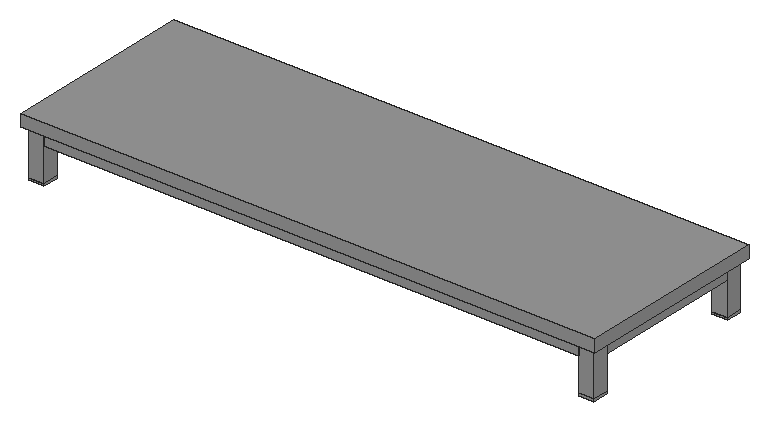
Revit family "BOF0Z", category Furniture, Revit 2019
Family settings
  OmniClass Number = 23.40.20.00
  OmniClass Title = General Furniture and Specialties
  Work Plane-Based = No
  Always vertical = Yes
  Cut with Voids When Loaded = No
  Shared = No
  Room Calculation Point = No
Parameters (values of type "Storage - 1200 Plinth")
  Width = 1200 mm
  URL = "www.gof.co.uk"
  Range = "STORAGE"
  Product Data Specification = ""
  Product Code = "KQ12PLST"
  Product Brochure = ""
  Model = "KULTURE QUOLL"
  Manufacturer = "Gresham Office Furniture"  # constant formula
  Height = 569 mm
  Frame = Gresham - BLACK METAL
  Doors = Gresham - PLUM
  Carcass = Gresham - MIDNIGHT ASH VERTICAL
  Depth = 400 mm
Reference planes
  plane 1 "Center (Front/Back)": y = 0
  plane 2: z = 0
  plane 3 "Center (Left/Right)": x = 0
  plane 4: x = -600
  plane 5: x = 600
  plane 6: y = 200
  plane 7 "Front": y = -200
  plane 8 "Storage Top": z = 569
  plane 9: z = 556.5
  plane 10: z = 112.5
  plane 11: z = 544
  plane 12: z = 1400
  plane 13: z = 984
  plane 14: z = 959
  plane 15: z = 1375
  plane 16: z = 125
  plane 17: z = 100
  plane 18: z = 568.5
  plane 19: z = 543.5
Forms (mm)
  Extrusion 1, solid, material "Gresham - MIDNIGHT ASH VERTICAL" <- "Carcass"
    sketch origin (0, -6.874, 39) x (0, 1, 0) y (0, 0, 1)
      loop
        line (-193.126, 61) -> (206.874, 61) -> (206.874, 86) -> (-193.126, 86) -> (-193.126, 61)
    from -600 to 600
Dimensions and locks
  equal spacing: plane 4, plane 3 "Center (Left/Right)", plane 5
  "Width": plane 4 to plane 5
  equal spacing: plane 6, plane 1 "Center (Front/Back)", plane 7 "Front"
  "Depth": plane 6 to plane 7 "Front"
  "Height": plane 8 "Storage Top" to plane 2
  locked: plane 8 "Storage Top" to plane 9 at 12.5
  Extrusion 1 sketch curve to Extrusion 1 sketch curve = 25 mm
  equal spacing: Extrusion 1, plane 10, Extrusion 1
  locked: Extrusion 1 to Extrusion 1 at 25
  locked: plane 10 to level at 112.5
  locked: plane 8 "Storage Top" to plane 11 at 25
  plane 11 to plane 10 = 431.5 mm  (x2)
  locked: plane 12 to level at 1400
  locked: plane 13 to level at 984
  locked: plane 13 to plane 14 at 25
  locked: plane 12 to plane 15 at 25
  locked: plane 16 to plane 17 at 25
  locked: plane 18 to plane 19 at 25
  plane 18 to level = 568.5 mm
  aligned and locked: level to plane 2
  aligned and locked: plane 6 to Extrusion 1
  aligned and locked: Extrusion 1 to plane 7 "Front"
Automatic sketch dimensions
  Extrusion 1 sketch curve to plane 7 "Front" = 0 mm
  Extrusion 1 sketch curve to plane 6 = 0 mm
  Extrusion 1 sketch curve to plane 17 = 0 mm
Nested families
  nested 1: "Modular Storage Frame" at (0, 0, 0), type "Modular Storage Frame"
Definition of nested family "Modular Storage Frame"
  Parameters (values of type "Modular Storage Frame")
    Width = 1180 mm
    URL = "www.gof.co.uk"
    Frame = none
    Range = "STORAGE"
    Product Data Specification = ""
    Product Code = ""
    Product Brochure = ""
    Model = "MODULAR STORAGE"
    Manufacturer = "Gresham Office Furniture"  # constant formula
    Foot = none
    Depth = 380 mm
  Reference planes
    plane 1 "Center (Front/Back)": y = 0
    plane 2: z = 0
    plane 3 "Center (Left/Right)": x = 0
    plane 4: x = -590
    plane 5: x = 590
    plane 6: y = 190
    plane 7: y = -190
  Forms (mm)
    Extrusion 1, solid, material <- "Frame"
      sketch origin (76, -5.525, 0) x (-1, 0, 0) y (0, -1, 0)
        loop
          line (634, -195.525) -> (634, -170.525) -> (-482, -170.525) -> (-482, -195.525) -> (634, -195.525)
        loop
          line (634, 184.475) -> (-482, 184.475) -> (-482, 159.475) -> (634, 159.475) -> (634, 184.475)
        loop
          line (-514, -163.525) -> (-489, -163.525) -> (-489, 152.475) -> (-514, 152.475) -> (-514, -163.525)
        loop
          line (666, -163.525) -> (666, 152.475) -> (641, 152.475) -> (641, -163.525) -> (666, -163.525)
      from 75 to 100
    Extrusion 2, solid, material <- "Frame"
      sketch origin (0, 0, 0) x (1, 0, 0) y (0, 1, 0)
        loop
          line (590, -190) -> (590, -158) -> (558, -158) -> (558, -190) -> (590, -190)
        loop
          line (590, 190) -> (558, 190) -> (558, 158) -> (590, 158) -> (590, 190)
        loop
          line (-590, -190) -> (-558, -190) -> (-558, -158) -> (-590, -158) -> (-590, -190)
        loop
          line (-590, 190) -> (-590, 158) -> (-558, 158) -> (-558, 190) -> (-590, 190)
      from 5 to 100
    Extrusion 3, solid, material <- "Foot"
      sketch origin (0, 0, 0) x (1, 0, 0) y (0, 1, 0)
        loop
          line (590, 190) -> (558, 190) -> (558, 158) -> (590, 158) -> (590, 190)
        loop
          line (590, -158) -> (558, -158) -> (558, -190) -> (590, -190) -> (590, -158)
        loop
          line (-590, -190) -> (-558, -190) -> (-558, -158) -> (-590, -158) -> (-590, -190)
        loop
          line (-590, 190) -> (-590, 158) -> (-558, 158) -> (-558, 190) -> (-590, 190)
      from 0 to 5
  Dimensions and locks
    equal spacing: plane 4, plane 3 "Center (Left/Right)", plane 5
    "Width": plane 4 to plane 5
    equal spacing: plane 6, plane 1 "Center (Front/Back)", plane 7
    "Depth": plane 6 to plane 7
    Extrusion 2 sketch curve to Extrusion 2 sketch curve = 32 mm  (x7)
    locked: Extrusion 1 to Extrusion 1 at 25
    locked: Extrusion 2 to plane 5 at 32  (x2)
    locked: Extrusion 2 to Extrusion 2 at 32
    locked: plane 6 to Extrusion 2 at 32  (x2)
    locked: plane 4 to Extrusion 2 at 32  (x2)
    locked: Extrusion 2 to plane 7 at 32
    locked: Extrusion 1 to plane 5 at 25
    locked: plane 4 to Extrusion 1 at 25
    Extrusion 1 to plane 2 = 100 mm
    aligned and locked: level to plane 2
    aligned and locked: Extrusion 2 to Extrusion 1
    aligned and locked: plane 6 to Extrusion 1
    aligned and locked: Extrusion 1 sketch curve to Extrusion 2
    aligned and locked: Extrusion 2 to Extrusion 1 sketch curve
  Automatic sketch dimensions
    Extrusion 1 sketch curve to plane 5 = 0 mm
    Extrusion 1 sketch curve to plane 7 = 0 mm
    Extrusion 1 sketch curve to plane 4 = 0 mm
    Extrusion 1 sketch curve to plane 6 = 0 mm
    Extrusion 1 sketch curve to Extrusion 1 sketch curve = 7 mm  (x5)
    plane 4 to Extrusion 1 sketch curve = 32 mm
    Extrusion 1 sketch curve to Extrusion 1 sketch curve = 25 mm  (x2)
    plane 7 to Extrusion 1 sketch curve = 32 mm  (x2)
    Extrusion 3 sketch curve to plane 4 = 0 mm  (x2)
    Extrusion 3 sketch curve to plane 7 = 0 mm  (x2)
    Extrusion 3 sketch curve to plane 6 = 0 mm  (x2)
    Extrusion 3 sketch curve to plane 5 = 0 mm  (x2)
    Extrusion 3 sketch curve to Extrusion 3 sketch curve = 32 mm  (x5)
    plane 7 to Extrusion 3 sketch curve = 32 mm
    Extrusion 3 sketch curve to plane 6 = 32 mm  (x2)
    Extrusion 2 sketch curve to plane 4 = 0 mm  (x2)
    Extrusion 2 sketch curve to plane 6 = 0 mm  (x2)
    Extrusion 2 sketch curve to plane 7 = 0 mm  (x2)
    Extrusion 2 sketch curve to plane 5 = 0 mm  (x2)
    Extrusion 2 sketch curve to Extrusion 2 sketch curve = 32 mm
